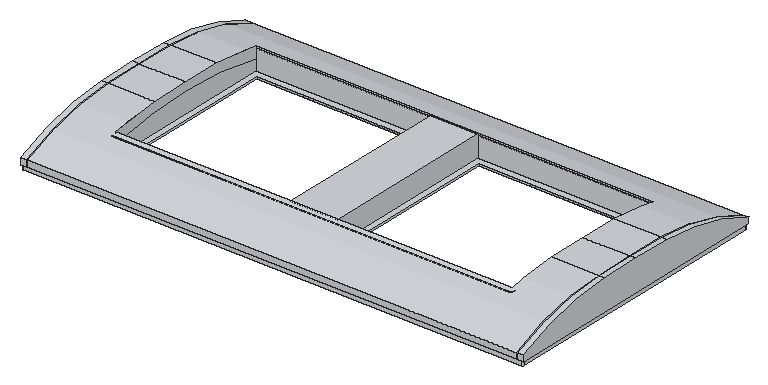
Revit family "Gira_0212763", category Electrical Fixtures, host Face, Revit 2017
Family settings
  Host = Face
  Maintain Annotation Orientation = No
  Round Connector Dimension = Use Diameter
  Part Type = Normal
  Cut with Voids When Loaded = No
  Shared = No
  Room Calculation Point = No
Parameters (values of type "Abdeckrahmen 2f Zwischenr. RW Gira Event Klar Braun")
  Werkstoffgüte = "Thermoplast"
  Werkstoff = "Kunststoff"
  URL = "http://katalog.gira.de/de_DE/datenblatt.html?artikelnr=0212763"
  Transparent = "No"
  Textfeld/Beschriftungsfläche = "No"
  Schutzart (IP) = "IP20"
  Region = "DE"
  Oberfläche = "sonstige"
  Name = "Abdeckrahmen 2f Zwischenr. RW Gira Event Klar Braun"
  Montagerichtung = "horizontal und vertikal"
  Mit Montagerahmen = "No"
  Mit Klappdeckel = "No"
  Manufacturer URL = "https://www.gira.de/"
  Keynote = "Event_Rahmen_2fach"
  HeinzeBIM = "https://bimportal.heinze.de/bim/abdeckrahmen-2f-zwischenr-rw-gira-event-klar-braun/bd4cec16ffc5d2152c9a732ce9024d697eb2c77d"
  Halogenfrei = "Yes"
  HAN = "0212763"
  Geeignet für Unterputz-Installation = "Yes"
  Geeignet für Unterflurkanaldose = "No"
  Geeignet für Geräteeinbaukanal = "No"
  Geeignet für Einbauinstallation = "No"
  GTIN = "4010337069362"
  Farbe = "braun"
  Default Elevation = 1219.2 mm
  Data sheet (1) = "https://katalog.gira.de/de_DE/download.html?artikelnr=0212763"
  Category = "Abdeckrahmen"
  Befestigungsart = "Klemmbefestigung"
  Available = "Yes"
  Ausführung der Oberfläche = "glänzend"
  Anzahl der Einheiten vertikal = "2 "
  Anzahl der Einheiten horizontal = "2 "
  Anzahl der Einheiten = "2 "
Reference planes
  plane 1 "Center (Front/Back)": y = 0
  plane 2: z = 0
  plane 3 "Center (Left/Right)": x = 0
Forms (mm)
  Extrusion 1, solid, detail levels fine
    sketch origin (0, 0, 0.05) x (0, 1, 0) y (0, 0, 1)
      loop
        arc (12.445, 9.683) -> (6.223, 9.833) -> (0, 9.85) r 291.636
        arc (0, 9.85) -> (-6.223, 9.833) -> (-12.445, 9.683) r 291.636
        arc (-12.445, 9.683) -> (-29.14, 7.482) -> (-45, 1.823) r 79.728
        line (-45, 1.823) -> (-45, -0.05) -> (-42.086, -0.05)
        arc (-42.086, -0.05) -> (-21.385, 5.559) -> (0, 7.206) r 114.424
        arc (0, 7.206) -> (21.385, 5.559) -> (42.086, -0.05) r 114.424
        line (42.086, -0.05) -> (45, -0.05) -> (45, 1.823)
        arc (45, 1.823) -> (29.14, 7.482) -> (12.445, 9.683) r 79.728
    from -78.55 to 78.55
  Extrusion 2, void, detail levels fine
    sketch origin (0, 0, 0) x (1, 0, 0) y (0, 1, 0)
      loop
        line (-63.55, -27.937) -> (63.55, -27.937) -> (63.55, 28.063) -> (-63.55, 28.063) -> (-63.55, -27.937)
    from 0.724 to 11
  Extrusion 3, solid, detail levels coarse
    sketch origin (0, 0, 0) x (1, 0, 0) y (0, 1, 0)
      loop
        line (-80.55, 45) -> (-80.55, -45) -> (80.55, -45) -> (80.55, 45) -> (-80.55, 45)
    from -1.5 to 9.9
  Extrusion 4, solid, detail levels medium
    sketch origin (0, 0, 0.05) x (0, 1, 0) y (0, 0, 1)
      loop
        arc (12.445, 9.683) -> (6.223, 9.833) -> (0, 9.85) r 291.636
        arc (0, 9.85) -> (-6.223, 9.833) -> (-12.445, 9.683) r 291.636
        arc (-12.445, 9.683) -> (-29.14, 7.482) -> (-45, 1.823) r 79.728
        line (-45, 1.823) -> (-45, -0.05) -> (45, -0.05) -> (45, 1.823)
        arc (45, 1.823) -> (29.14, 7.482) -> (12.445, 9.683) r 79.728
    from -80.55 to 80.55
  Extrusion 5, solid, detail levels fine
    sketch origin (-35.55, 0, -1.5) x (0, 1, 0) y (0, 0, -1)
      loop
        line (45, -3.373) -> (45, -1.5) -> (-45, -1.5) -> (-45, -3.373)
        arc (-45, -3.373) -> (-29.14, -9.032) -> (-12.445, -11.233) r 79.728
        arc (-12.445, -11.233) -> (-6.223, -11.383) -> (0, -11.4) r 291.636
        arc (0, -11.4) -> (6.223, -11.383) -> (12.445, -11.233) r 291.636
        arc (12.445, -11.233) -> (29.14, -9.032) -> (45, -3.373) r 79.728
    from 43 to 45
  Extrusion 6, solid, detail levels fine
    sketch origin (0, 0, 0) x (1, 0, 0) y (0, 1, 0)
      loop
        line (-61.45, 25.7) -> (-61.45, -25.7) -> (-9.65, -25.7) -> (-9.65, 25.7) -> (-61.45, 25.7)
      loop
        line (61.45, -25.7) -> (61.45, 25.7) -> (9.65, 25.7) -> (9.65, -25.7) -> (61.45, -25.7)
      loop
        line (-64.445, 28.49) -> (-64.445, -28.495)
        spline (-64.445, -28.495) -> (-64.436, -28.625) -> (-64.411, -28.754) -> (-64.369, -28.878) -> (-64.311, -28.995) -> (-64.238, -29.104) -> (-64.152, -29.202) -> (-64.054, -29.288) -> (-63.945, -29.361) -> (-63.828, -29.419) -> (-63.704, -29.461) -> (-63.575, -29.486) -> (-63.445, -29.495)
        line (-63.445, -29.495) -> (63.445, -29.495)
        spline (63.445, -29.495) -> (63.575, -29.486) -> (63.704, -29.461) -> (63.828, -29.419) -> (63.945, -29.361) -> (64.054, -29.288) -> (64.152, -29.202) -> (64.238, -29.104) -> (64.311, -28.995) -> (64.369, -28.878) -> (64.411, -28.754) -> (64.436, -28.625) -> (64.445, -28.495)
        line (64.445, -28.495) -> (64.445, 28.49)
        spline (64.445, 28.49) -> (64.436, 28.62) -> (64.411, 28.748) -> (64.369, 28.872) -> (64.311, 28.99) -> (64.238, 29.098) -> (64.152, 29.197) -> (64.054, 29.283) -> (63.945, 29.356) -> (63.828, 29.413) -> (63.704, 29.456) -> (63.575, 29.481) -> (63.445, 29.49)
        line (63.445, 29.49) -> (-63.445, 29.49)
        spline (-63.445, 29.49) -> (-63.575, 29.481) -> (-63.704, 29.456) -> (-63.828, 29.413) -> (-63.945, 29.356) -> (-64.054, 29.283) -> (-64.152, 29.197) -> (-64.238, 29.098) -> (-64.311, 28.99) -> (-64.369, 28.872) -> (-64.411, 28.748) -> (-64.436, 28.62) -> (-64.445, 28.49)
    from 0.1 to 7.3
  Extrusion 7, solid
    sketch origin (0, 0, 0) x (1, 0, 0) y (0, 1, 0)
      loop
        arc (-80.25, -44.2) -> (-80.104, -44.554) -> (-79.75, -44.7) r 0.5
        line (-79.75, -44.7) -> (79.75, -44.7)
        arc (79.75, -44.7) -> (80.104, -44.554) -> (80.25, -44.2) r 0.5
        line (80.25, -44.2) -> (80.25, 44.2)
        arc (80.25, 44.2) -> (80.104, 44.554) -> (79.75, 44.7) r 0.5
        line (79.75, 44.7) -> (-79.75, 44.7)
        arc (-79.75, 44.7) -> (-80.104, 44.554) -> (-80.25, 44.2) r 0.5
        line (-80.25, 44.2) -> (-80.25, -44.2)
      loop
        line (-78.55, 43) -> (-78.55, -43) -> (78.55, -43) -> (78.55, 43) -> (-78.55, 43)
    from -1.5 to 0.5
  Extrusion 8, solid, detail levels fine
    sketch origin (35.55, 0, -1.5) x (0, 1, 0) y (0, 0, 1)
      loop
        arc (45, 3.373) -> (29.14, 9.032) -> (12.445, 11.233) r 79.728
        arc (12.445, 11.233) -> (6.223, 11.383) -> (0, 11.4) r 291.636
        arc (0, 11.4) -> (-6.223, 11.383) -> (-12.445, 11.233) r 291.636
        arc (-12.445, 11.233) -> (-29.14, 9.032) -> (-45, 3.373) r 79.728
        line (-45, 3.373) -> (-45, 1.5) -> (45, 1.5) -> (45, 3.373)
    from 43 to 45
  Extrusion 9, solid, detail levels medium
    sketch origin (0, 0, 0) x (1, 0, 0) y (0, 1, 0)
      loop
        line (-80.25, -44.7) -> (80.25, -44.7) -> (80.25, 44.7) -> (-80.25, 44.7) -> (-80.25, -44.7)
    from -1.5 to 0.5
  Extrusion 10, solid, detail levels fine
    sketch origin (0, 0, 0) x (1, 0, 0) y (0, 1, 0)
      loop
        line (-7.55, 28.063) -> (-7.55, -27.937) -> (7.55, -27.937) -> (7.55, 28.063) -> (-7.55, 28.063)
    from 0.724 to 7.566
Cuts and joins
  Extrusion 2 cuts Extrusion 1
  Extrusion 2 cuts Extrusion 6
Dimensions and locks
  aligned and locked: plane 2 to host face
  aligned and locked: level to host face
